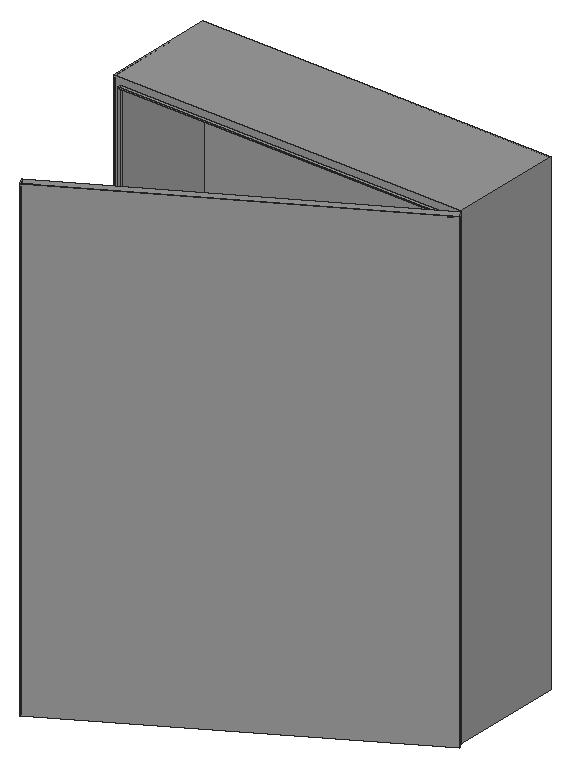
Revit family "Hager-Univers-IP55-D275-H1100-Cl.I-Steel_encl-NoHosted-CH-it", category Electrical Equipment, Revit 2020
Family settings
  Panel Configuration = Two Columns, Circuits Across
  Round Connector Dimension = Use Diameter
  Part Type = Panelboard
  Work Plane-Based = Yes
  Always vertical = Yes
  Cut with Voids When Loaded = No
  Shared = No
  Room Calculation Point = No
Parameters (values of type "A parete IP55 L800 A1100 P275  - FR73E")
  Width Control [instance] = if([EF000008 - Larghezza] > Min Width, [EF000008 - Larghezza], Min Width)  # 800 mm
  Type Comments = [HG000003 - Gamma]  # "Univers"
  Thickness Door [instance] = if([EF009171 - spessore materiale porta/coperchio] > 3 mm, 3 mm, [EF009171 - spessore materiale porta/coperchio])  # 1.5 mm
  Seal Frame Offset [instance] = 17 mm  # constant formula
  Plinth Visibility [instance] = [HG000027 - Altezza dello zoccolo] > 0 mm  # no
  Min Width [instance] = 100 mm  # constant formula
  Min Depth [instance] = (2 * [EF009170 - spessore materiale scatola]) + 1 mm  # 4 mm
  Min Height [instance] = 100 mm  # constant formula
  Internal Frame Depth [instance] = (Door System Depth * 0.5)  # 9 mm
  Panel Name [instance] = ""  # (empty or 0)
  Model = ""
  HG000027 - Altezza dello zoccolo = 0 mm
  HG000026 - A pavimento = no
  HG000024 - Altezza della sezione inferiore = 600 mm
  HG000023 - Custodia a doppia sezione = no
  HG000016 - Visibilità delle porte nella vista 3D [instance] = yes
  HG000015 - Visibilità attraverso la porta [instance] = no
  HG000014 - Porta destra [instance] = yes
  HG000013 - Porta sinistra [instance] = not([HG000014 - Porta destra])  # no
  HG000012 - Angolo di apertura della porta [instance] = 30.00°
  HG000010 - Porte asimmetriche = no
  HG000009 - Porta doppia a battente = no
  HG000006 - Ad incasso = no
  HG000004 - Codice produttore = "FR73E"
  HG000003 - Gamma = "Univers"
  HG000002 - Con porta = yes
  Frame Offset Bottom [instance] = 10 mm  # constant formula
  Frame Offset [instance] = 15 mm  # constant formula
  EF015940 - Coprire con rilascio di sovrapressione = no
  EF011959 - tipo di protezione (NEMA) = ""
  EF009554 - numero delle aperture per la piastra della flangia = 6
  EF009212 - esecuzione coperchio = "EV000116 - chiuso"
  EF009171 - spessore materiale porta/coperchio = 1.5 mm
  EF009170 - spessore materiale scatola = 1.5 mm
  EF008873 - corrente nominale (In) = 800 A
  EF007800 - adatto per parafulmine = no
  EF006306 - con serratura = no
  EF006244 - coperchio/porta trasparente = no
  EF005474 - grado di protezione (IP) = "EV006420 - IP55"
  EF004464 - tipo di porta = "EV002646 - singolo"
  EF004427 - numero di moduli = 252
  EF004293 - resistenza agli urti = "EV008784 - IK10"
  EF003532 - adatto per uso esterno = no
  EF002950 - Numero moduli DIN = 24
  EF001613 - Integrità del circuito = "EV000494 - senza"
  EF001596 - Attacco Lampada = "EV000179 - acciaio"
  EF001131 - profondità interna = 275 mm
  EF001088 - possibilità di applicazione = yes
  EF000437 - numero di ingressi per conduttori = 6
  EF000339 - tipo di copertura = "EV004216 - porta"
  EF000266 - numero di file = 7
  EF000218 - profondità di incasso = 0 mm
  EF000118 - con piastra di montaggio = no
  EF000116 - numero RAL = "7035"
  EF000049 - profondità = 275 mm
  EF000040 - Altezza = 1100 mm
  EF000008 - Larghezza = 800 mm
  EF000007 - colore = "EV000270 - grigio"
  EF000003 - Tipo di montaggio = "EV000384 - A parete"
  Door System Leaf Tolerance [instance] = 1.5 mm  # constant formula
  Door System Depth [instance] = 18 mm  # constant formula
  Door Height [instance] = Height Control - [HG000027 - Altezza dello zoccolo]  # 1100 mm
  Description = ""
  Default Elevation = 1219.2 mm
  Connector Offset [instance] = Height Control / 2  # 550 mm
  Manufacturer = "Hager"  # constant formula
  Height Control [instance] = if([EF000040 - Altezza] > Min Height, [EF000040 - Altezza], Min Height)  # 1100 mm
  Depth Control [instance] = if([EF000049 - profondità] > Min Depth, [EF000049 - profondità], Min Depth)  # 275 mm
  Bottom Top Plate Trim [instance] = 1.5 mm  # constant formula
  Plinth height Ctrl [instance] = if([HG000027 - Altezza dello zoccolo] > 0 mm, [HG000027 - Altezza dello zoccolo], 12 mm)  # 12 mm
Types (5, lengths in mm): name | Width Control | HG000010 - Porte asimmetriche | HG000009 - Porta doppia a battente | HG000004 - Codice produttore | EF009554 - numero delle aperture per la piastra della flangia | EF004464 - tipo di porta | EF004427 - numero di moduli | EF000437 - numero di ingressi per conduttori | EF000008 - Larghezza
  A parete IP55 L1050 A1100 P275  - FR74E | 1050 | no | yes | "FR74E" | 8 | "EV003602 - doppio" | 336 | 8 | 1050
  A parete IP55 L1300 A1100 P275  - FR75E | 1300 | yes | yes | "FR75E" | 10 | "EV003602 - doppio" | 420 | 10 | 1300
  A parete IP55 L300 A1100 P275  - FR71E | 300 | no | no | "FR71E" | 2 | "EV002646 - singolo" | 84 | 2 | 300
  A parete IP55 L550 A1100 P275  - FR72E | 550 | no | no | "FR72E" | 4 | "EV002646 - singolo" | 168 | 4 | 550
  A parete IP55 L800 A1100 P275  - FR73E | 800 | no | no | "FR73E" | 6 | "EV002646 - singolo" | 252 | 6 | 800
Reference planes
  plane 1 "Center (Front/Back)": y = 0
  plane 2: z = 0
  plane 3 "Center (Left/Right)": x = 0
  plane 4: y = 0
  plane 5: y = 0
  plane 6: z = 0
  plane 7: x = -400
  plane 8: x = 400
  plane 9: x = 398.5
  plane 10: x = -398.5
  plane 11: z = 0
  plane 12: z = 1.5
  plane 13: y = -275
  plane 14: y = -1.5
  plane 15: x = 0
  plane 16: y = -257
  plane 17: y = -273.5
  plane 18: y = -255.5
  plane 19: x = -383.5
  plane 20: x = 383.5
  plane 21: z = 11.5
  plane 22: x = -383
  plane 23: x = 383
  plane 24: z = 0
  plane 25: z = 1100
  plane 26: z = 1100
  plane 27: z = 1083.5
  plane 28: z = 1098.5
Forms (mm)
  Extrusion 1, solid, material "Hager_Steel_RAL7035_Light_Grey", detail levels medium+fine
    sketch origin (-208.679, -4572, 0) x (-1, 0, 0) y (0, -1, 0)
      loop
        line (191.321, -4315) -> (-608.679, -4315) -> (-608.679, -4572) -> (191.321, -4572) -> (191.321, -4315)
    from 0 to 1100
  Extrusion 2, void
    sketch origin (-350.771, -275, 1219.2) x (1, 0, 0) y (0, 0, 1)
      loop
        line (-47.729, -120.7) -> (-47.729, -1217.7) -> (749.271, -1217.7) -> (749.271, -120.7) -> (-47.729, -120.7)
    from -19.5 to -273.5
  Extrusion 3, void
    sketch origin (-290.084, -257, 1219.2) x (1, 0, 0) y (0, 0, 1)
      loop
        line (-93.416, -1207.7) -> (673.584, -1207.7) -> (673.584, -135.7) -> (-93.416, -135.7) -> (-93.416, -1207.7)
    from 0 to -1.5
  Extrusion 4, solid, material "Hager_Steel_RAL7035_Light_Grey", visible <- "Plinth Visibility", detail levels medium+fine
    sketch origin (0, 0, 0) x (1, 0, 0) y (0, 1, 0)
      loop
        line (-400, 0) -> (-400, -257) -> (400, -257) -> (400, 0) -> (-400, 0)
    from 0 to 12 <- "Plinth height Ctrl"
  Extrusion 5, solid, material "Hager_Steel_RAL7035_Light_Grey", detail levels coarse
    sketch origin (0, 0, 0) x (1, 0, 0) y (0, 1, 0)
      loop
        line (-400, 0) -> (-400, -275) -> (400, -275) -> (400, 0) -> (-400, 0)
    from 0 to 1100 <- "Height Control"
  Sweep 6, void
    path in 3D
      loop
        line (-400, -257, 12) -> (400, -257, 12) -> (400, 0, 12) -> (-400, 0, 12) -> (-400, -257, 12)
    profile origin (-400, -128.5, 12) x (1, 0, 0) y (0, 0, 1)
      loop
        line (0, 0) -> (0, -1.5) -> (1.5, -1.5)
        arc (1.5, -1.5) -> (1.061, -0.439) -> (0, 0) r 1.5
  Extrusion 7, solid, material "Hager_Steel_RAL7035_Light_Grey", detail levels fine
    sketch origin (-400, -257, 0) x (1, 0, 0) y (0, 0, 1)
      loop
        line (16.5, 11.5) -> (783.5, 11.5) -> (783.5, 1083.5) -> (16.5, 1083.5) -> (16.5, 11.5)
      loop
        line (15, 10) -> (785, 10) -> (785, 1085) -> (15, 1085) -> (15, 10)
    from 0 to 9 <- "Internal Frame Depth"
Cuts and joins
  Extrusion 2, Extrusion 3 cuts Extrusion 1
  Sweep 6 cuts Extrusion 4
Lines and regions (mm)
  Masking region 1
    outline origin (0, 0, 0) x (1, 0, 0) y (0, 1, 0)
      loop
        line (-400, 0) -> (-400, -275) -> (400, -275) -> (400, 0) -> (-400, 0)
  Masking region 2, detail levels coarse
    outline origin (-290.084, -257, 1219.2) x (-1, 0, 0) y (0, 0, 1)
      loop
        line (-690.084, -1219.2) -> (109.916, -1219.2) -> (109.916, -119.2) -> (-690.084, -119.2) -> (-690.084, -1219.2)
  Masking region 3, detail levels coarse
    outline origin (0, 0, 0) x (0, 1, 0) y (0, 0, 1)
      loop
        line (0, 0) -> (0, 1100) -> (-275, 1100) -> (-275, 0) -> (0, 0)
  Masking region 4, visible <- "Plinth Visibility", detail levels medium+fine
    outline origin (0, 0, 0) x (0, 1, 0) y (0, 0, 1)
      loop
        line (-1.5, 12) -> (-255.5, 12)
        arc (-255.5, 12) -> (-255.939, 10.939) -> (-257, 10.5) r 1.5
        line (-257, 10.5) -> (-257, 0) -> (0, 0) -> (0, 10.5)
        arc (0, 10.5) -> (-1.061, 10.939) -> (-1.5, 12) r 1.5
  Masking region 5, detail levels medium+fine
    outline origin (0, 0, 594.038) x (0, 1, 0) y (0, 0, 1)
      loop
        line (0, -594.038) -> (0, 505.962) -> (-257, 505.962) -> (-257, -594.038) -> (0, -594.038)
  Masking region 6, detail levels medium+fine
    outline origin (-359.7, -257, 1211.883) x (-1, 0, 0) y (0, 0, 1)
      loop
        line (-759.7, -1211.883) -> (40.3, -1211.883) -> (40.3, -111.883) -> (-759.7, -111.883) -> (-759.7, -1211.883)
  Masking region 7, visible <- "Plinth Visibility", detail levels medium+fine
    outline origin (-320.334, -257, 1041.368) x (-1, 0, 0) y (0, 0, 1)
      loop
        line (-720.334, -1041.368) -> (79.666, -1041.368) -> (79.666, -1030.868)
        arc (79.666, -1030.868) -> (78.606, -1030.429) -> (78.166, -1029.368) r 1.5
        line (78.166, -1029.368) -> (-718.834, -1029.368)
        arc (-718.834, -1029.368) -> (-719.273, -1030.429) -> (-720.334, -1030.868) r 1.5
        line (-720.334, -1030.868) -> (-720.334, -1041.368)
  sketch lines
    curve 1: line (-400, 0, 12) -> (-400, -257, 12)
    curve 2: line (-400, -257, 12) -> (400, -257, 12)
    curve 3: line (400, 0, 12) -> (-400, 0, 12)
    curve 4: line (400, -257, 12) -> (400, 0, 12)
Dimensions and locks
  locked: plane 1 "Center (Front/Back)" to plane 5
  "EF009170 - spessore materiale scatola": plane 7 to plane 10
  "EF009170 - spessore materiale scatola": plane 8 to plane 9
  equal spacing: plane 7, plane 3 "Center (Left/Right)", plane 8
  "Width Control": plane 7 to plane 8
  "Depth Control": plane 4 to plane 13
  "EF009170 - spessore materiale scatola": plane 4 to plane 14
  "Height Control": plane 25 to level
  "HG000027 - Altezza dello zoccolo": plane 11 to level
  "EF009170 - spessore materiale scatola": plane 12 to plane 11
  "EF009170 - spessore materiale scatola": plane 17 to plane 13
  "EF009170 - spessore materiale scatola": plane 18 to plane 16
  "Frame Offset Bottom": plane 21 to plane 12
  "Frame Offset": plane 10 to plane 19
  "Frame Offset": plane 9 to plane 20
  "Door System Depth": plane 16 to plane 13
  "Seal Frame Offset": plane 7 to plane 22
  "Seal Frame Offset": plane 8 to plane 23
  "EF009170 - spessore materiale scatola": plane 26 to plane 28
  "Frame Offset": plane 28 to plane 27
  "Connector Offset": plane 2 to connector elem
  "Bottom Top Plate Trim": profile plane to Sweep 6 sketch curve
  "Bottom Top Plate Trim": Sweep 6 sketch curve to Sweep 6 sketch curve
  "Plinth height Ctrl": Masking region 4 sketch curve to level
  "Plinth height Ctrl": Masking region 7 sketch curve to level
  "Thickness Door": Extrusion 7 sketch curve to Extrusion 7 sketch curve  (x4)
  "Bottom Top Plate Trim": radius of Sweep 6 sketch curve
  "Bottom Top Plate Trim": radius of Masking region 4 sketch curve  (x2)
  "Bottom Top Plate Trim": radius of Masking region 7 sketch curve  (x2)
  aligned and locked: Extrusion 2 sketch curve to plane 12
  aligned and locked: Extrusion 2 sketch curve to plane 9
  aligned and locked: Extrusion 2 sketch curve to plane 10
  aligned and locked: Extrusion 2 to plane 14
  aligned and locked: Extrusion 1 sketch curve to plane 4
  aligned and locked: plane 8 to Extrusion 1 sketch curve
  aligned and locked: plane 7 to Extrusion 1 sketch curve
  aligned and locked: Extrusion 2 to plane 18
  aligned and locked: Extrusion 3 sketch curve to plane 19
  aligned and locked: plane 20 to Extrusion 3 sketch curve
  aligned and locked: Extrusion 3 to Extrusion 2
  aligned and locked: Extrusion 3 sketch curve to plane 21
  aligned and locked: plane 3 "Center (Left/Right)" to nested 1
  aligned and locked: Extrusion 1 sketch curve to plane 16
  aligned and locked: Extrusion 4 sketch curve to cut or joined group of Extrusion 1, Extrusion 2, Extrusion 3
  aligned and locked: Masking region 1 sketch curve to plane 7
  aligned and locked: Masking region 1 sketch curve to plane 5
  aligned and locked: Masking region 1 sketch curve to plane 8
  aligned and locked: Masking region 2 sketch curve to level
  aligned and locked: level to Masking region 3 sketch curve
  aligned and locked: plane 1 "Center (Front/Back)" to Masking region 3 sketch curve
  aligned and locked: plane 13 to Masking region 3 sketch curve
  aligned and locked: plane 5 to Masking region 4 sketch curve
  aligned and locked: Masking region 2 sketch curve to plane 8
  aligned and locked: Masking region 2 sketch curve to plane 7
  aligned and locked: plane 7 to nested 2
  aligned and locked: nested 2 to plane 5
  aligned and locked: plane 5 to Masking region 5 sketch curve
  aligned and locked: plane 26 to Masking region 5 sketch curve
  aligned and locked: Extrusion 5 sketch curve to plane 8
  aligned and locked: Extrusion 5 sketch curve to plane 7
  aligned and locked: Extrusion 5 sketch curve to plane 5
  aligned and locked: Extrusion 3 sketch curve to plane 27
  aligned and locked: Extrusion 2 sketch curve to plane 28
  aligned and locked: Masking region 2 to plane 25
  aligned and locked: Extrusion 4 to plane 16
  aligned and locked: profile plane to Sweep 6 sketch curve
  aligned and locked: Masking region 5 sketch curve to plane 24
  aligned and locked: level to Masking region 4 sketch curve
  aligned and locked: Masking region 1 to plane 13
  aligned and locked: nested 1 to plane 16
  aligned and locked: Masking region 3 to plane 25
  aligned and locked: plane 16 to Masking region 4 sketch curve
  aligned and locked: Masking region 5 sketch curve to plane 16
  aligned and locked: plane 24 to plane 11
  aligned and locked: plane 26 to plane 25
  aligned and locked: plane 26 to cut or joined group of Extrusion 1, Extrusion 2, Extrusion 3
  aligned and locked: nested 1 to plane 24
  aligned and locked: Extrusion 1 to Extrusion 3
  aligned and locked: Masking region 6 sketch curve to plane 8
  aligned and locked: Masking region 6 sketch curve to plane 24
  aligned and locked: Masking region 6 sketch curve to plane 7
  aligned and locked: Masking region 6 sketch curve to plane 26
  aligned and locked: Masking region 7 sketch curve to plane 7
  aligned and locked: level to Masking region 7 sketch curve
  aligned and locked: Masking region 7 sketch curve to plane 8
  aligned and locked: Extrusion 7 sketch curve to cut or joined group of Extrusion 1, Extrusion 2, Extrusion 3  (x4)
Automatic sketch dimensions
  plane 19 to Extrusion 3 sketch curve = 0 mm
  Extrusion 3 sketch curve to plane 20 = 0 mm
  Extrusion 3 sketch curve to plane 21 = 0 mm
  Extrusion 4 sketch curve to plane 7 = 0 mm
  Extrusion 4 sketch curve to plane 8 = 0 mm
  Extrusion 4 sketch curve to plane 16 = 0 mm
  Masking region 1 sketch curve to plane 13 = 0 mm
  Masking region 2 sketch curve to plane 25 = 0 mm
  Masking region 3 sketch curve to plane 25 = 0 mm
  Extrusion 5 sketch curve to plane 13 = 0 mm
  profile plane to Sweep 6 sketch curve = 0 mm
Nested families
  nested 1: "EC000058_Univers_Door" at (0, -257, 0), Double <- "HG000009 - Porta doppia a battente", Transparent <- "EF006244 - coperchio/porta trasparente", Angle <- "HG000012 - Angolo di apertura della porta", Door_Right <- "HG000014 - Porta destra", Assymetrical <- "HG000010 - Porte asimmetriche", Door <- "HG000002 - Con porta", Width_Ctrl <- "Width Control", 3d_Door <- "HG000016 - Visibilità delle porte nella vista 3D", Clearance <- "HG000015 - Visibilità attraverso la porta", Door_Left <- "HG000013 - Porta sinistra", Width <- "Width Control", Door_Depth <- "Door System Depth", Leaf_Tolerance <- "Door System Leaf Tolerance", Height <- "Door Height", Lock_Visibility <- "EF006306 - con serratura", Thickness <- "Thickness Door", type "EC000058_Univers_Door", detail levels medium+fine
    with min_wh 4 mm, Width_Ctrl 800 mm, Width 800 mm, Transparent no, Thickness 1.5 mm, Seal_Material Hager_Rubber, Lock_Visibility no, Lock_Material Hager_Plastic_RAL9005_Jet_Black, Leaf_Width 800 mm, Leaf_Tolerance_External_Sides 0 mm, Leaf_Tolerance 1.5 mm, Leaf_Offset 0 mm, Leaf_Height 1097 mm, Leaf_2_Width 800 mm, Leaf_2_Offset 400 mm, Leaf_1_Width 800 mm, Leaf_1_Offset 400 mm, Height_Ctrl 1100 mm, Height 1100 mm, Glass_Material Hager_Glass, Double_Clearance_Ctrl no, Double no, Door_Right_Ctrl yes, Door_Right yes, Door_Material Hager_Steel_RAL7035_Light_Grey, Door_Left_Ctrl no, Door_Left no, Door_Depth 18 mm, Door yes, Clearance_Material Hager_Clearance, Clearance_Depth 800 mm, Clearance_Ctrl no, Clearance no, Assymetrical no, Angle 30.00°, 3d_Door yes
  nested 2: "Hager_Enclosure_Symbol" at (-400, 0, 0), Height <- "Depth Control", Width <- "Width Control", type "Hager_Enclosure_Symbol"
    with Width_Ctrl 800 mm, Width 800 mm, Height_Ctrl 275 mm, Height 275 mm, A_Width_Int 18.047 mm, A_Width 216.562 mm, A_Height_Ctrl 240.625 mm, A_Height 240.625 mm
Connectors
  electrical at (0, 0, 550)
    settings: on plane 1 "Center (Front/Back)", index 1, voltage 0 V, apparent load 0 VA, apparent load phase1 0 VA, apparent load phase2 0 VA, apparent load phase3 0 VA, power factor 1, load classification "Other", number of poles 1, system type 30, power factor state 1, is connector primary yes, connector utility no, sub classification motor no, connector description ""
Definition of nested family "EC000058_Univers_Door"
  Parameters (values of type "EC000058_Univers_Door")
    min_wh [instance] = (2 * Thickness) + 1 mm  # 11 mm
    Width_Ctrl [instance] = 400 mm
    Width [instance] = 500 mm
    Transparent [instance] = yes
    Thickness [instance] = 5 mm
    Seal_Material [instance] = none
    Lock_Visibility [instance] = yes
    Lock_Material [instance] = none
    Leaf_Width [instance] = if((Width_Ctrl - 2 * Leaf_Tolerance_External_Sides) > 0 mm, (Width_Ctrl - 2 * Leaf_Tolerance_External_Sides), min_wh)  # 400 mm
    Leaf_Tolerance_External_Sides [instance] = 0 mm  # constant formula
    Leaf_Tolerance [instance] = 1.5 mm
    Leaf_Offset [instance] = 0 mm  # constant formula
    Leaf_Height [instance] = if((Height_Ctrl - 2 * Leaf_Tolerance) > 0 mm, (Height_Ctrl - 2 * Leaf_Tolerance), min_wh)  # 497 mm
    Leaf_2_Width [instance] = if(and(and(Double, Assymetrical), Door_Left), (Leaf_Width / 3) - (Leaf_Tolerance / 2), if(and(and(Double, Assymetrical), Door_Right), (Leaf_Width / 3) * 2 - (Leaf_Tolerance / 2), if(and(Double, not(Assymetrical)), (Leaf_Width / 2) - Leaf_Tolerance, Leaf_Width)))  # 400 mm
    Leaf_2_Offset [instance] = if(and(Double, Assymetrical), Leaf_2_Width / 2, if(and(Double, not(Assymetrical)), Leaf_Width / 4, Leaf_Width / 2))  # 200 mm
    Leaf_1_Width [instance] = if(and(and(Double, Assymetrical), Door_Right), (Leaf_Width / 3) - (Leaf_Tolerance / 2), if(and(and(Double, Assymetrical), Door_Left), (Width / 3) * 2 - (Leaf_Tolerance / 2), if(and(Double, not(Assymetrical)), (Leaf_Width / 2) - Leaf_Tolerance, Leaf_Width)))  # 400 mm
    Leaf_1_Offset [instance] = if(and(Double, Assymetrical), Leaf_1_Width / 2, if(and(Double, not(Assymetrical)), Leaf_Width / 4, Leaf_Width / 2))  # 200 mm
    Height_Ctrl [instance] = if(Height > min_wh, Height, min_wh)  # 500 mm
    Height [instance] = 500 mm
    Glass_Material [instance] = none
    Double_Clearance_Ctrl [instance] = and(Double, Clearance)  # no
    Double [instance] = no
    Door_Right_Ctrl [instance] = and(or(Door_Right, Double), Door)  # yes
    Door_Right [instance] = yes
    Door_Material [instance] = none
    Door_Left_Ctrl [instance] = and(or(Door_Left, Double), Door)  # no
    Door_Left [instance] = no
    Door_Depth [instance] = 30 mm
    Door [instance] = yes
    Default Elevation = 1219.2 mm
    Clearance_Material [instance] = none
    Clearance_Depth [instance] = if(Leaf_1_Width > Leaf_2_Width, Leaf_1_Width, Leaf_2_Width)  # 400 mm
    Clearance_Ctrl [instance] = and(not(Double), Clearance)  # yes
    Clearance [instance] = yes
    Assymetrical [instance] = yes
    Angle [instance] = 30.00°
    3d_Door [instance] = yes
  Reference planes
    plane 1 "Center (Front/Back)": y = 0
    plane 2 "Bottom": z = 0
    plane 3 "Center (Left/Right)": x = 0
    plane 4: z = 500
    plane 5: x = -200
    plane 6: x = 200
    plane 7: z = 500
    plane 8: x = -200
    plane 9: z = 0
    plane 10: x = 200
    plane 11: y = 0
    plane 12: z = 1.5
    plane 13: x = -600
    plane 14: y = -400
    plane 15: x = 600
    plane 16: x = 0
    plane 17: x = 0
    plane 18: x = -200
    plane 19: x = 200
    plane 20: z = 498.5
  Forms (mm)
    Extrusion 1, solid, material <- "Clearance_Material", visible <- "Double_Clearance_Ctrl"
      sketch origin (1200, 0, 0) x (1, 0, 0) y (0, 0, -1)
        loop
          line (-1800, -498.5) -> (-600, -498.5) -> (-600, 0) -> (-1800, 0) -> (-1800, -498.5)
      from 0 to -400
  Dimensions and locks
    equal spacing: plane 5, plane 3 "Center (Left/Right)", plane 6
    "Width_Ctrl": plane 5 to plane 6
    "Leaf_Offset": plane 5 to plane 8
    "Leaf_Offset": plane 6 to plane 10
    "Leaf_Offset": plane 9 to level
    "Leaf_Offset": plane 4 to plane 7
    "Height_Ctrl": plane 4 to level
    "Leaf_Tolerance": plane 12 to plane 9
    locked: plane 11 to plane 1 "Center (Front/Back)"
    "Leaf_1_Offset": plane 18 to plane 16
    "Leaf_2_Offset": plane 17 to plane 19
    "Leaf_1_Width": plane 13 to plane 8
    "Leaf_2_Width": plane 10 to plane 15
    "Clearance_Depth": plane 14 to plane 1 "Center (Front/Back)"
    "Leaf_Tolerance_External_Sides": plane 8 to plane 18
    "Leaf_Tolerance_External_Sides": plane 19 to plane 10
    "Leaf_Tolerance": plane 7 to plane 20
    aligned and locked: level to plane 2 "Bottom"
    aligned and locked: nested 1 to plane 16
    aligned and locked: nested 2 to plane 17
    aligned and locked: Extrusion 1 to plane 13
    aligned and locked: plane 15 to Extrusion 1
    aligned and locked: Extrusion 1 to plane 14
    aligned and locked: plane 12 to nested 1
    aligned and locked: nested 2 to plane 12
    aligned and locked: Extrusion 1 to plane 11
    aligned and locked: plane 20 to Extrusion 1
    aligned and locked: nested 2 to plane 11
    aligned and locked: nested 1 to plane 11
  Automatic sketch dimensions
    Extrusion 1 sketch curve to level = 0 mm
    plane 5 to Extrusion 1 sketch curve = 400 mm
    plane 6 to Extrusion 1 sketch curve = 400 mm
    Extrusion 1 sketch curve to plane 4 = 1.5 mm
  Nested families
    nested 1: "EC000058_Univers_Door_Leaf" at (0, 0, 1.5), Width <- "Leaf_1_Width", visible <- "Door_Left_Ctrl", Leaf_Height <- "Leaf_Height", Angle <- "Angle", 3d_Door <- "3d_Door", Transparent <- "Transparent", Clearance Material <- "Clearance_Material", Clearance <- "Clearance_Ctrl", Door_Material <- "Door_Material", Glass_Material <- "Glass_Material", Door_Depth <- "Door_Depth", Lock_Material <- "Lock_Material", Seal_Material <- "Seal_Material", Lock_Visibility <- "Lock_Visibility", Thickness <- "Thickness", type "EC000058_Univers_Door_Leaf"
      with Width 400 mm, Transparent_Glass_Offset 30 mm, Transparent_Ctrl yes, Transparent yes, Thickness 5 mm, Standard no, Seal_Material none, Seal_D2 8 mm, Seal_D1 1 mm, Offset_Internal_Frame 10 mm, Lock_Width 20 mm, Lock_Visibility_3d yes, Lock_Visibility yes, Lock_Thickness_3 3 mm, Lock_Thickness_2 1 mm, Lock_Thickness_1 3 mm, Lock_Radius_Offset_2 16 mm, Lock_Radius_Offset_1 15 mm, Lock_Radius_2 5 mm, Lock_Radius 6 mm, Lock_Offset 5 mm, Lock_Material none, Lock_Height 80 mm, Lock_Cover_Top_Offset_2d 17 mm, Lock_Cover_Height -65 mm, Leaf_Height 497 mm, Internal_Seal_Thickness 8 mm, Internal_Seal_Depth_2 4.5 mm, Internal_Frame_Depth 25 mm, Glass_Thickness -1 mm, Glass_Offset -2 mm, Glass_Material none, Door_Material none, Door_Depth 30 mm, Clearance Material none, Clearance yes, Angle_Ctrl 30.00°, Angle 30.00°, 3d_Door yes
    nested 2: "EC000058_Univers_Door_Leaf" at (0, 0, 1.5) x (-1, 0, 0) z (0, 0, 1), Width <- "Leaf_2_Width", visible <- "Door_Right_Ctrl", Leaf_Height <- "Leaf_Height", Angle <- "Angle", 3d_Door <- "3d_Door", Transparent <- "Transparent", Clearance Material <- "Clearance_Material", Clearance <- "Clearance_Ctrl", Door_Material <- "Door_Material", Glass_Material <- "Glass_Material", Door_Depth <- "Door_Depth", Lock_Material <- "Lock_Material", Seal_Material <- "Seal_Material", Lock_Visibility <- "Lock_Visibility", Thickness <- "Thickness", type "EC000058_Univers_Door_Leaf"
      with Width 400 mm, Transparent_Glass_Offset 30 mm, Transparent_Ctrl yes, Transparent yes, Thickness 5 mm, Standard no, Seal_Material none, Seal_D2 8 mm, Seal_D1 1 mm, Offset_Internal_Frame 10 mm, Lock_Width 20 mm, Lock_Visibility_3d yes, Lock_Visibility yes, Lock_Thickness_3 3 mm, Lock_Thickness_2 1 mm, Lock_Thickness_1 3 mm, Lock_Radius_Offset_2 16 mm, Lock_Radius_Offset_1 15 mm, Lock_Radius_2 5 mm, Lock_Radius 6 mm, Lock_Offset 5 mm, Lock_Material none, Lock_Height 80 mm, Lock_Cover_Top_Offset_2d 17 mm, Lock_Cover_Height -65 mm, Leaf_Height 497 mm, Internal_Seal_Thickness 8 mm, Internal_Seal_Depth_2 4.5 mm, Internal_Frame_Depth 25 mm, Glass_Thickness -1 mm, Glass_Offset -2 mm, Glass_Material none, Door_Material none, Door_Depth 30 mm, Clearance Material none, Clearance yes, Angle_Ctrl 30.00°, Angle 30.00°, 3d_Door yes
  Definition of nested family "EC000058_Univers_Door_Leaf"
    Parameters (values of type "EC000058_Univers_Door_Leaf")
      Width [instance] = 2000 mm
      Transparent_Glass_Offset [instance] = 30 mm
      Transparent_Ctrl [instance] = and(Transparent, [3d_Door])  # yes
      Transparent [instance] = yes
      Thickness [instance] = 5 mm
      Standard [instance] = and(not(Transparent), [3d_Door])  # no
      Seal_Material [instance] = none
      Seal_D2 [instance] = 8 mm  # constant formula
      Seal_D1 [instance] = 1 mm  # constant formula
      Offset_Internal_Frame [instance] = 10 mm  # constant formula
      Lock_Width [instance] = 20 mm  # constant formula
      Lock_Visibility_3d [instance] = and(Lock_Visibility, [3d_Door])  # yes
      Lock_Visibility [instance] = yes
      Lock_Thickness_3 [instance] = 3 mm  # constant formula
      Lock_Thickness_2 [instance] = 1 mm  # constant formula
      Lock_Thickness_1 [instance] = 3 mm  # constant formula
      Lock_Radius_Offset_2 [instance] = Lock_Radius_Offset_1 + 1 mm  # 16 mm
      Lock_Radius_Offset_1 [instance] = 15 mm  # constant formula
      Lock_Radius_2 [instance] = Lock_Radius - 1 mm  # 5 mm
      Lock_Radius [instance] = 6 mm  # constant formula
      Lock_Offset [instance] = 5 mm  # constant formula
      Lock_Material [instance] = none
      Lock_Height [instance] = 80 mm  # constant formula
      Lock_Cover_Top_Offset_2d [instance] = Lock_Radius_Offset_2 + 1 mm  # 17 mm
      Lock_Cover_Height [instance] = -(Lock_Height - Lock_Radius_Offset_1)  # -65 mm
      Leaf_Height [instance] = 2720.336 mm
      Internal_Seal_Thickness [instance] = 8 mm  # constant formula
      Internal_Seal_Depth_2 [instance] = 4.5 mm  # constant formula
      Internal_Frame_Depth [instance] = if(Door_Depth - Thickness > 5 mm, Door_Depth - Thickness, 5 mm)  # 25 mm
      Glass_Thickness [instance] = if(Thickness > 15 mm, Glass_Offset + 10 mm, -1 mm)  # -1 mm
      Glass_Offset [instance] = if(Thickness > 15 mm, -(Thickness + 10 mm) / 2, -2 mm)  # -2 mm
      Glass_Material [instance] = none
      Door_Material [instance] = none
      Door_Depth [instance] = 30 mm
      Default Elevation = 0 mm
      Clearance Material [instance] = none
      Clearance [instance] = yes
      Angle_Ctrl [instance] = if(Angle > 180.00°, 180.00°, Angle)  # 90.00°
      Angle [instance] = 90.00°
      3d_Door [instance] = yes
    Reference planes
      plane 1 "Center (Front/Back)": y = 0
      plane 2: z = 0
      plane 3 "Center (Left/Right)": x = 0
      plane 4: y = 2000
      plane 5: x = -1000
      plane 6: x = 1000
      plane 7: x = -3000
      plane 8: z = 2720.336
      plane 9: z = 30
      plane 10: z = 2690.336
      plane 11: x = 970
      plane 12: x = -970
      plane 13: y = -3
      plane 14: z = 107.833
      plane 15: y = -5
      plane 16: y = -223.314
      plane 17: x = -1000
      plane 18: z = 1360.168
      plane 19: y = 30
    Forms (mm)
      Extrusion 1, solid, material <- "Clearance Material", visible <- "Clearance"
        sketch origin (0, 0, 0) x (1, 0, 0) y (0, 0, 1)
          loop
            line (-3000, 2720.336) -> (-3000, 0) -> (1000, 0) -> (1000, 2720.336) -> (-3000, 2720.336)
        from 0 to -2000
      Extrusion 2, solid, material <- "Door_Material", visible <- "Standard", detail levels medium+fine
        sketch origin (-1000, 0, 0) x (0, 1, 0) y (-1, 0, 0)
          loop
            line (0, 30) -> (0, 25) -> (2000, 25) -> (2000, 30) -> (0, 30)
        from 0 to 2720.336 <- "Leaf_Height"
      Extrusion 3, solid, material <- "Door_Material", visible <- "Transparent_Ctrl", detail levels medium+fine
        sketch origin (-1000, 0, 0) x (0, 1, 0) y (-1, 0, 0)
          loop
            line (0, 25) -> (2000, 25) -> (2000, 30) -> (0, 30) -> (0, 25)
        from 0 to 2720.336 <- "Leaf_Height"
      Extrusion 4, void
        sketch origin (-1025, 2000, 0) x (0, 1, 0) y (0, 0, -1)
          loop
            line (-30, -2690.336) -> (-30, -30) -> (-1970, -30) -> (-1970, -2690.336) -> (-30, -2690.336)
        from 0 to 5 <- "Thickness"
      Sweep 5, solid, material <- "Seal_Material", visible <- "Transparent_Ctrl", detail levels fine
        path in 3D
          loop
            line (-1025, 30, 30) -> (-1025, 30, 2690.336) -> (-1025, 1970, 2690.336) -> (-1025, 1970, 30) -> (-1025, 30, 30)
        profile origin (-1025, 1000, 30) x (1, 0, 0) y (0, 0, 1)
          loop
            line (0, 0) -> (0, -8) -> (1, -8) -> (1, 0) -> (0, 0)
      Extrusion 6, solid, material <- "Glass_Material", visible <- "Transparent_Ctrl", detail levels medium+fine
        sketch origin (-1030, 0, 0) x (0, 1, 0) y (0, 0, -1)
          loop
            line (1970, -2690.336) -> (1970, -30) -> (30, -30) -> (30, -2690.336) -> (1970, -2690.336)
        from -2 <- "Glass_Offset" to -1 <- "Glass_Thickness"
      Extrusion 7, solid, material <- "Door_Material", visible <- "3d_Door", detail levels medium+fine
        sketch origin (-1025, 2000, 0) x (0, -1, 0) y (0, 0, -1)
          loop
            line (0, -2720.336) -> (2000, -2720.336) -> (2000, 0) -> (0, 0) -> (0, -2720.336)
          loop
            line (1995, -5) -> (5, -5) -> (5, -2715.336) -> (1995, -2715.336) -> (1995, -5)
        from 0 to 25 <- "Internal_Frame_Depth"
      Sweep 8, solid, material <- "Seal_Material", visible <- "Transparent_Ctrl", detail levels fine
        path in 3D
          loop
            line (-1025, 0, 0) -> (-1025, 2000, 0) -> (-1025, 2000, 2720.336) -> (-1025, 0, 2720.336) -> (-1025, 0, 0)
        profile origin (-1025, 0, 1360.168) x (1, 0, 0) y (0, 1, 0)
          loop
            line (0, 10) -> (2.975, 10)
            arc (2.975, 10) -> (4.053, 10.447) -> (4.5, 11.525) r 1.525
            line (4.5, 11.525) -> (4.5, 16.527)
            arc (4.5, 16.527) -> (4.069, 17.569) -> (3.027, 18) r 1.473
            line (3.027, 18) -> (0, 18) -> (0, 10)
      Extrusion 9, solid, material <- "Lock_Material", visible <- "Lock_Visibility_3d", detail levels fine
        sketch origin (-1030, 0, 0) x (0, 1, 0) y (0, 0, -1)
          loop
            arc (1993.5, -1400.168) -> (1994.561, -1399.729) -> (1995, -1398.668) r 1.5
            line (1995, -1398.668) -> (1995, -1320.168) -> (1975, -1320.168) -> (1975, -1398.668)
            arc (1975, -1398.668) -> (1975.439, -1399.729) -> (1976.5, -1400.168) r 1.5
            line (1976.5, -1400.168) -> (1993.5, -1400.168)
        from 3 <- "Lock_Thickness_1" to 0
      Blend 10, solid, material <- "Lock_Material", visible <- "Lock_Visibility_3d", detail levels fine
        base sketch origin (-1033, 0, 0) x (0, 1, 0) y (0, 0, -1)
          loop
            line (1975, -1320.168) -> (1975, -1398.668)
            arc (1975, -1398.668) -> (1975.439, -1399.729) -> (1976.5, -1400.168) r 1.5
            line (1976.5, -1400.168) -> (1993.5, -1400.168)
            arc (1993.5, -1400.168) -> (1994.561, -1399.729) -> (1995, -1398.668) r 1.5
            line (1995, -1398.668) -> (1995, -1320.168) -> (1975, -1320.168)
        top sketch origin (-1033, 0, 0) x (0, 1, 0) y (0, 0, -1)
          loop
            line (1976, -1320.168) -> (1976, -1398.668)
            arc (1976, -1398.668) -> (1976.146, -1399.022) -> (1976.5, -1399.168) r 0.5
            line (1976.5, -1399.168) -> (1993.5, -1399.168)
            arc (1993.5, -1399.168) -> (1993.854, -1399.022) -> (1994, -1398.668) r 0.5
            line (1994, -1398.668) -> (1994, -1320.168) -> (1976, -1320.168)
        from 0 to 1 <- "Lock_Thickness_2"
      Blend 11, solid, material <- "Lock_Material", visible <- "Lock_Visibility_3d", detail levels fine
        base sketch origin (-1034, 0, 0) x (0, 1, 0) y (0, 0, -1)
          loop
            line (1978, -1320.168) -> (1978, -1384.168)
            arc (1978, -1384.168) -> (1985, -1391.168) -> (1992, -1384.168) r 7
            line (1992, -1384.168) -> (1992, -1320.168) -> (1978, -1320.168)
        top sketch origin (-1034, 0, 0) x (0, 1, 0) y (0, 0, -1)
          loop
            line (1991, -1320.168) -> (1979, -1320.168) -> (1979, -1383.168)
            arc (1979, -1383.168) -> (1985, -1389.168) -> (1991, -1383.168) r 6
            line (1991, -1383.168) -> (1991, -1320.168)
        from 0 to 3 <- "Lock_Thickness_3"
      Extrusion 12, solid, material <- "Lock_Material", visible <- "Lock_Visibility_3d", detail levels fine
        sketch origin (-1030, 1975, 1320.168) x (1, 0, 0) y (0, -1, 0)
          loop
            line (-7, -19) -> (-7, -1) -> (0, -1) -> (0, 0) -> (-8, 0) -> (-8, -20) -> (0, -20) -> (0, -19) -> (-7, -19)
        from 0 to -65 <- "Lock_Cover_Height"
      Extrusion 13, void
        sketch origin (-1038, 1995, 1320.168) x (-1, 0, 0) y (0, 0, -1)
          loop
            line (-5, -65) -> (0, -65) -> (-5, -60) -> (-5, -65)
        from 0 to 20 <- "Lock_Width"
      Extrusion 14, void
        sketch origin (-1038, 1975, 1320.168) x (0, -1, 0) y (0, 0, -1)
          loop
            circle (-10, -15.995) r 6
          loop
            circle (-10, -15.995) r 5
        from 0 to 2
      Extrusion 15, solid, material <- "Lock_Material", visible <- "Lock_Visibility_3d", detail levels medium
        sketch origin (-1030, 0, 0) x (0, 1, 0) y (0, 0, -1)
          loop
            arc (1993.5, -1400.168) -> (1994.561, -1399.729) -> (1995, -1398.668) r 1.5
            line (1995, -1398.668) -> (1995, -1320.168) -> (1975, -1320.168) -> (1975, -1398.668)
            arc (1975, -1398.668) -> (1975.439, -1399.729) -> (1976.5, -1400.168) r 1.5
            line (1976.5, -1400.168) -> (1993.5, -1400.168)
        from 8 to 0
    Cuts and joins
      Extrusion 4 cuts Extrusion 3
      Extrusion 13, Extrusion 14 cuts Extrusion 9
      Extrusion 14 cuts Blend 11
      Extrusion 13, Extrusion 14 cuts Extrusion 12
      joined: Extrusion 9, Blend 10, Blend 11, Extrusion 12
      Extrusion 14 cuts Extrusion 15
    Lines and regions (mm)
      Masking region 1, visible <- "Lock_Visibility", detail levels fine
        outline origin (0, 0, 0) x (0, 1, 0) y (0, 0, 1)
          loop
            line (30, 1320.168) -> (33, 1320.168) -> (33, 1400.168) -> (30, 1400.168) -> (30, 1320.168)
      Masking region 2, visible <- "Lock_Visibility", detail levels fine
        outline origin (0, 3.143, 0) x (0, 1, 0) y (0, 0, 1)
          loop
            line (29.857, 1354.168) -> (30.857, 1354.168) -> (30.857, 1366.168) -> (29.857, 1366.168) -> (29.857, 1354.168)
      Masking region 3, detail levels medium+fine
        outline origin (0, 0, 0) x (0, 1, 0) y (0, 0, 1)
          loop
            line (0, 0) -> (30, 0) -> (30, 2720.336) -> (0, 2720.336) -> (0, 0)
      Masking region 4, detail levels medium+fine
        outline origin (0, 0, 0) x (1, 0, 0) y (0, 0, 1)
          loop
            line (-1000, 2720.336) -> (-1000, 0) -> (1000, 0) -> (1000, 2720.336) -> (-1000, 2720.336)
      Masking region 5, visible <- "Lock_Visibility", detail levels fine
        outline origin (-47.116, 0, 0) x (1, 0, 0) y (0, 0, 1)
          loop
            arc (1024.616, 1399.168) -> (1023.556, 1398.729) -> (1023.116, 1397.668) r 1.5
            line (1023.116, 1397.668) -> (1023.116, 1320.168) -> (1041.116, 1320.168) -> (1041.116, 1397.668)
            arc (1041.116, 1397.668) -> (1040.677, 1398.729) -> (1039.616, 1399.168) r 1.5
            line (1039.616, 1399.168) -> (1024.616, 1399.168)
      Masking region 6, visible <- "Lock_Visibility", detail levels medium+fine
        outline origin (-25, 0, 0) x (1, 0, 0) y (0, 0, 1)
          loop
            arc (1001.5, 1400.168) -> (1000.439, 1399.729) -> (1000, 1398.668) r 1.5
            line (1000, 1398.668) -> (1000, 1320.168) -> (1020, 1320.168) -> (1020, 1398.668)
            arc (1020, 1398.668) -> (1019.561, 1399.729) -> (1018.5, 1400.168) r 1.5
            line (1018.5, 1400.168) -> (1001.5, 1400.168)
      Masking region 7, visible <- "Lock_Visibility", detail levels fine
        outline origin (-73.735, 0, 0) x (1, 0, 0) y (0, 0, 1)
          loop
            line (1051.735, 1382.168) -> (1065.735, 1382.168) -> (1065.735, 1384.168)
            arc (1065.735, 1384.168) -> (1058.735, 1391.168) -> (1051.735, 1384.168) r 7
            line (1051.735, 1384.168) -> (1051.735, 1382.168)
      Masking region 8, visible <- "Lock_Visibility", detail levels fine
        outline origin (-73.735, 0, 0) x (1, 0, 0) y (0, 0, 1)
          loop
            line (1052.735, 1382.168) -> (1064.735, 1382.168) -> (1064.735, 1383.168)
            arc (1064.735, 1383.168) -> (1058.735, 1389.168) -> (1052.735, 1383.168) r 6
            line (1052.735, 1383.168) -> (1052.735, 1382.168)
      Masking region 9, visible <- "Lock_Visibility", detail levels fine
        outline origin (-25, 0, 0) x (1, 0, 0) y (0, 0, 1)
          loop
            line (1020, 1320.168) -> (1020, 1382.168) -> (1000, 1382.168) -> (1000, 1320.168) -> (1020, 1320.168)
      Masking region 10, detail levels medium+fine
        outline origin (0, 0, 0) x (1, 0, 0) y (0, 0, 1)
          loop
            circle (985, 1335.144) r 6
      Masking region 11, detail levels fine
        outline origin (0, 0, 0) x (1, 0, 0) y (0, 0, 1)
          loop
            circle (985, 1335.144) r 5
      Masking region 12, visible <- "Lock_Visibility", detail levels fine
        outline origin (0, 12.767, 0) x (0, 1, 0) y (0, 0, 1)
          loop
            line (20.233, 1320.168) -> (21.233, 1320.168) -> (21.233, 1399.168) -> (20.233, 1400.168) -> (20.233, 1320.168)
      Masking region 13, visible <- "Lock_Visibility", detail levels fine
        outline origin (0, 13.767, -10) x (0, 1, 0) y (0, 0, 1)
          loop
            line (20.233, 1330.168) -> (23.233, 1330.168) -> (23.233, 1399.168) -> (20.233, 1402.168) -> (20.233, 1330.168)
      Masking region 14, visible <- "Lock_Visibility", detail levels fine
        outline origin (0, 12.767, -10) x (0, 1, 0) y (0, 0, 1)
          loop
            line (20.233, 1330.168) -> (25.233, 1330.168) -> (25.233, 1399.305) -> (20.233, 1394.305) -> (20.233, 1330.168)
      Masking region 15, visible <- "Lock_Visibility", detail levels medium
        outline origin (0, 0, 0) x (0, 1, 0) y (0, 0, 1)
          loop
            line (30, 1320.168) -> (38, 1320.168) -> (38, 1400.168) -> (30, 1400.168) -> (30, 1320.168)
      Masking region 16, visible <- "Lock_Visibility", detail levels fine
        outline origin (-1000, 0, 0) x (0, 1, 0) y (-1, 0, 0)
          loop
            line (1975, 30) -> (1995, 30) -> (1995, 38) -> (1975, 38) -> (1975, 30)
          loop
            line (1979, 37) -> (1976, 37) -> (1976, 34) -> (1978, 34) -> (1979, 37)
          loop
            line (1994, 37) -> (1991, 37) -> (1992, 34) -> (1994, 34) -> (1994, 37)
      Masking region 17, visible <- "Lock_Visibility", detail levels medium
        outline origin (-1000, 0, 0) x (0, 1, 0) y (-1, 0, 0)
          loop
            line (1975, 30) -> (1995, 30) -> (1995, 38) -> (1975, 38) -> (1975, 30)
      symbolic lines
        curve 1: line (1000, 0, 0) -> (-3000, 0, 0)
        curve 2: arc (1000, 0, 0) -> (-1000, 2000, 0) -> (-3000, 0, 0) r 2000
        curve 4: line (-1030, 0, 0) -> (-1030, 2000, 0)
      reference lines
        curve 3: line (-1000, 0, 0) -> (-1000, 2000, 0)
      symbolic lines, detail levels medium+fine
        curve 5: line (-1030, 2000, 0) -> (-1025, 2000, 0)
        curve 7: line (-1025, 0, 0) -> (-1030, 0, 0)
        curve 8: line (-1025, 0, 0) -> (-1000, 0, 0)
        curve 9: line (-1000, 0, 0) -> (-1000, 2000, 0)
        curve 10: line (-1000, 2000, 0) -> (-1025, 2000, 0)
      symbolic lines, detail levels fine
        curve 6: line (-1025, 2000, 0) -> (-1025, 0, 0)
      sketch lines
        curve 11: line (-1025, 0, 2720.336) -> (-1025, 0, 0)
        curve 12: line (-1025, 2000, 0) -> (-1025, 0, 0)
        curve 13: line (-1025, 2000, 2720.336) -> (-1025, 2000, 0)
        curve 14: line (-1025, 0, 2720.336) -> (-1025, 2000, 2720.336)
        curve 15: line (-1025, 1970, 30) -> (-1025, 30, 30)
        curve 16: line (-1025, 30, 30) -> (-1025, 30, 2690.336)
        curve 17: line (-1025, 1970, 2690.336) -> (-1025, 1970, 30)
        curve 18: line (-1025, 30, 2690.336) -> (-1025, 1970, 2690.336)
      symbolic lines, visible <- "Transparent", detail levels medium+fine
        curve 19: line (-970, 0, 2690.336) -> (970, 0, 2690.336)
        curve 20: line (-970, 0, 30) -> (-970, 0, 2690.336)
        curve 21: line (970, 0, 30) -> (-970, 0, 30)
        curve 22: line (970, 0, 2690.336) -> (970, 0, 30)
    Dimensions and locks
      "Width": plane 1 "Center (Front/Back)" to plane 4
      equal spacing: plane 5, plane 3 "Center (Left/Right)", plane 6
      "Width": plane 5 to plane 6
      "Width": plane 7 to plane 5
      "Leaf_Height": plane 8 to level
      "Width": curve 5 to curve 3
      "Width": curve 3 to curve 3
      plane 8 to plane 10 = 30 mm
      plane 9 to level = 30 mm
      plane 12 to plane 5 = 30 mm
      plane 6 to plane 11 = 30 mm
      Extrusion 1 to Extrusion 4 sketch curve = 30 mm
      "Transparent_Glass_Offset": curve 3 to Extrusion 4 sketch curve
      "Transparent_Glass_Offset": Extrusion 4 sketch curve to cut or joined group of Extrusion 3, Extrusion 4  (x2)
      cut or joined group of Extrusion 3, Extrusion 4 to Extrusion 6 sketch curve = 30 mm
      "Transparent_Glass_Offset": cut or joined group of Extrusion 3, Extrusion 4 to Extrusion 4 sketch curve
      "Thickness": curve 6 to curve 4
      "Thickness": Extrusion 7 sketch curve to Extrusion 7 sketch curve  (x4)
      "Door_Depth": curve 4 to curve 3
      "Offset_Internal_Frame": profile plane to Sweep 8 sketch curve
      "Internal_Seal_Thickness": Sweep 8 sketch curve to Sweep 8 sketch curve
      "Internal_Seal_Depth_2": profile plane to Sweep 8 sketch curve
      "Seal_D1": profile plane to Sweep 5 sketch curve
      "Seal_D2": profile plane to Sweep 5 sketch curve
      "Thickness": Extrusion 2 sketch curve to Extrusion 2 sketch curve
      equal spacing: Extrusion 9 sketch curve, plane 18, Extrusion 9 sketch curve  (x2)
      equal spacing: Masking region 1 sketch curve, plane 18, Masking region 1 sketch curve
      "Lock_Height": Masking region 1 sketch curve to Masking region 1 sketch curve
      "Lock_Radius": Masking region 2 sketch curve to plane 18 to Masking region 2 sketch curve
      Masking region 2 sketch curve to Masking region 1 = 1 mm
      "Door_Depth": plane 19 to plane 1 "Center (Front/Back)"
      "Lock_Thickness_1": Masking region 1 sketch curve to plane 19
      "Lock_Width": Extrusion 9 sketch curve to Extrusion 9 sketch curve
      "Lock_Height": Extrusion 9 sketch curve to Extrusion 9 sketch curve
      "Lock_Offset": cut or joined group of Extrusion 3, Extrusion 4 to Extrusion 9 sketch curve
      equal spacing: plane 8, plane 18, level
      "Lock_Radius_Offset_1": Blend 11 sketch curve to Blend 10
      locked: Blend 10 to Blend 11 sketch curve at 2  (x2)
      locked: var sketch to Blend 11 sketch curve at 1  (x2)
      "Lock_Radius_Offset_2": Blend 11 sketch curve to Blend 10
      locked: Extrusion 12 sketch curve to Extrusion 12 sketch curve at 1  (x3)
      Masking region 6 sketch curve to Masking region 6 sketch curve = 80 mm
      "Lock_Height": Masking region 6 sketch curve to Masking region 6 sketch curve
      "Lock_Width": Masking region 6 sketch curve to Masking region 6 sketch curve
      locked: Masking region 6 to Masking region 5 sketch curve at 1  (x3)
      locked: Masking region 5 to Masking region 7 sketch curve at 2  (x2)
      "Lock_Radius_Offset_1": Masking region 5 to Masking region 7 sketch curve
      "Lock_Radius_Offset_2": Masking region 5 to Masking region 8 sketch curve
      locked: Masking region 7 to Masking region 8 sketch curve at 1  (x2)
      "Lock_Cover_Top_Offset_2d": Masking region 5 to Masking region 9 sketch curve
      equal spacing: Masking region 9, Masking region 10 sketch curve, Masking region 9
      equal spacing: Masking region 9, Masking region 11 sketch curve, Masking region 9
      Extrusion 15 sketch curve to Extrusion 15 sketch curve = 80 mm
      "Lock_Width": Extrusion 15 sketch curve to Extrusion 15 sketch curve
      "Lock_Height": Extrusion 15 sketch curve to Extrusion 15 sketch curve
      equal spacing: Extrusion 15 sketch curve, plane 18, Extrusion 15 sketch curve
      "Lock_Thickness_3": Masking region 13 sketch curve to Masking region 13 sketch curve
      "Lock_Height": Masking region 12 sketch curve to Masking region 12 sketch curve
      locked: Masking region 13 sketch curve to Masking region 1 at 8
      locked: Masking region 14 sketch curve to Masking region 13 at 1
      locked: Masking region 14 sketch curve to Masking region 1 at 10.863
      "Lock_Height": Masking region 15 sketch curve to Masking region 15 sketch curve
      "Lock_Offset": Extrusion 15 sketch curve to cut or joined group of Extrusion 3, Extrusion 4
      "Lock_Offset": plane 6 to Masking region 6 sketch curve
      radius of Sweep 8 sketch curve = 1.525 mm
      radius of Sweep 8 sketch curve = 1.473 mm
      radius of Extrusion 9 sketch curve = 1.5 mm  (x2)
      "Lock_Radius": radius of Extrusion 14 sketch curve
      "Lock_Radius_2": radius of Extrusion 14 sketch curve
      "Lock_Radius": radius of Masking region 10 sketch curve
      "Lock_Radius_2": radius of Masking region 11 sketch curve
      radius of Extrusion 15 sketch curve = 1.5 mm  (x2)
      "Angle_Ctrl": angle plane 1 "Center (Front/Back)" to curve 3
      locked: Masking region 12 sketch curve to Masking region 12 sketch curve (angle 45.00°)
      locked: Masking region 13 sketch curve to Masking region 13 sketch curve (angle 45.00°)
      locked: Masking region 14 sketch curve to Masking region 14 sketch curve (angle 45.00°)
      aligned and locked: level to plane 2
      aligned and locked: Extrusion 1 to curve 1
      aligned and locked: plane 6 to Extrusion 1
      aligned and locked: Extrusion 1 to plane 1 "Center (Front/Back)"
      aligned and locked: plane 4 to Extrusion 1
      aligned and locked: plane 8 to Extrusion 1
      aligned and locked: curve 7 to Extrusion 2 sketch curve
      aligned and locked: curve 5 to Extrusion 2 sketch curve
      aligned and locked: curve 7 to Extrusion 3 sketch curve
      aligned and locked: Extrusion 3 sketch curve to curve 4
      aligned and locked: Extrusion 3 sketch curve to curve 6
      aligned and locked: Extrusion 3 sketch curve to curve 5
      aligned and locked: curve 9 to curve 3
      aligned and locked: Extrusion 7 sketch curve to cut or joined group of Extrusion 3, Extrusion 4  (x4)
      aligned and locked: plane 17 to curve 3
      aligned and locked: plane 1 "Center (Front/Back)" to curve 3
      aligned and locked: plane 17 to plane 5
      aligned and locked: Sweep 8 sketch curve to profile plane
      aligned and locked: Sweep 5 sketch curve to profile plane  (x2)
      aligned and locked: Masking region 1 to Masking region 2 sketch curve
      aligned and locked: plane 19 to Masking region 1 sketch curve
      aligned and locked: plane 1 "Center (Front/Back)" to Masking region 3 sketch curve
      aligned and locked: plane 19 to Masking region 3 sketch curve
      aligned and locked: level to Masking region 3 sketch curve
      aligned and locked: Masking region 3 sketch curve to plane 8
      aligned and locked: plane 17 to Masking region 4 sketch curve
      aligned and locked: level to Masking region 4 sketch curve
      aligned and locked: Masking region 4 sketch curve to plane 8
      aligned and locked: plane 12 to curve 20
      aligned and locked: plane 10 to curve 19
      aligned and locked: plane 11 to curve 22
      aligned and locked: curve 21 to plane 9
      aligned and locked: Extrusion 2 sketch curve to cut or joined group of Extrusion 3, Extrusion 4
      aligned and locked: Blend 10 sketch curve to Extrusion 9  (x4)
      aligned and locked: Extrusion 9 to Blend 10 sketch curve
      aligned and locked: Blend 10 to Blend 11 sketch curve
      aligned and locked: Extrusion 12 sketch curve to Blend 11
      aligned and locked: Extrusion 12 sketch curve to Extrusion 9  (x4)
      aligned and locked: Masking region 5 sketch curve to Masking region 6
      aligned and locked: Masking region 9 sketch curve to Masking region 6  (x3)
      aligned and locked: Masking region 12 sketch curve to Masking region 1
      aligned and locked: Masking region 13 sketch curve to Masking region 1
      aligned and locked: Masking region 12 to Masking region 14
      aligned and locked: Masking region 14 sketch curve to Masking region 1
      aligned and locked: Masking region 15 sketch curve to Masking region 14
      aligned and locked: Masking region 13 sketch curve to Masking region 12
      aligned and locked: Masking region 16 sketch curve to cut or joined group of Extrusion 14, Extrusion 15  (x4)
      aligned and locked: Masking region 16 sketch curve to cut or joined group of Extrusion 9, Blend 10, Blend 11, Extrusion 12, Extrusion 13, Extrusion 14  (x6)
      aligned and locked: cut or joined group of Extrusion 9, Blend 10, Blend 11, Extrusion 12, Extrusion 13, Extrusion 14 to Masking region 16 sketch curve
      aligned and locked: Masking region 17 sketch curve to cut or joined group of Extrusion 14, Extrusion 15  (x3)
      aligned and locked: Masking region 17 sketch curve to cut or joined group of Extrusion 9, Blend 10, Blend 11, Extrusion 12, Extrusion 13, Extrusion 14
      aligned and locked: Masking region 9 to Masking region 8 sketch curve
      aligned and locked: Masking region 9 to Masking region 7 sketch curve
    Automatic sketch dimensions
      plane 1 "Center (Front/Back)" to curve 2 = 0 mm
      curve 2 to plane 5 = 0 mm
      Extrusion 1 sketch curve to level = 0 mm
      Extrusion 1 sketch curve to plane 7 = 0 mm
      Extrusion 1 sketch curve to plane 6 = 0 mm
      Extrusion 1 sketch curve to plane 8 = 0 mm
      Extrusion 3 to Extrusion 6 sketch curve = 30 mm  (x4)
      Masking region 4 sketch curve to plane 6 = 0 mm
      Blend 10 sketch curve to Extrusion 9 = 1.5 mm
      Blend 10 sketch curve to Extrusion 9 = 1 mm
      Extrusion 13 sketch curve to Extrusion 12 = 0 mm  (x2)
      Extrusion 12 to Extrusion 13 sketch curve = 3 mm
      Extrusion 13 sketch curve to Extrusion 12 = 5 mm
      Extrusion 14 sketch curve to Extrusion 14 sketch curve = 0 mm  (x2)
      Extrusion 14 sketch curve to Extrusion 12 = 10 mm
      Extrusion 14 sketch curve to Extrusion 12 = 15.995 mm
      Masking region 5 sketch curve to Masking region 5 sketch curve = 1.5 mm  (x2)
      Masking region 10 sketch curve to plane 18 = 25.024 mm
      Masking region 11 sketch curve to plane 18 = 25.024 mm
      plane 19 to Masking region 14 sketch curve = 3 mm
      Masking region 16 sketch curve to Masking region 16 sketch curve = 3 mm
      curve 4 to curve 3 = 0 mm
      Blend 10 to Blend 11 sketch curve = 0 mm
      Masking region 6 sketch curve to Masking region 6 sketch curve = 1.5 mm  (x2)
      Masking region 6 sketch curve to plane 18 = 40 mm
      plane 19 to Masking region 12 sketch curve = 3 mm
      Masking region 12 sketch curve to Masking region 12 sketch curve = 1 mm
      Masking region 15 sketch curve to plane 19 = 0 mm
      Masking region 15 sketch curve to plane 18 = 40 mm
      radius of Blend 10 sketch curve to Extrusion 9 = 1 mm
Definition of nested family "Hager_Enclosure_Symbol"
  Parameters (values of type "Hager_Enclosure_Symbol")
    Width_Ctrl [instance] = if(Width > 1 mm, Width, 1 mm)  # 102.27 mm
    Width [instance] = 102.27 mm
    Height_Ctrl [instance] = if(Height > 1 mm, Height, 1 mm)  # 66.5 mm
    A_Width_Int [instance] = if(A_Width / 12 > 2 mm, A_Width / 12, 2 mm)  # 4.364 mm
    A_Width [instance] = if(A_Height_Ctrl * 0.9 > 2 mm, A_Height_Ctrl * 0.9, 2 mm)  # 52.369 mm
    A_Height_Ctrl [instance] = if(A_Height > 2 mm, A_Height, 2 mm)  # 58.188 mm
    Height [instance] = 66.5 mm
    A_Height [instance] = Height - (Height / 8)  # 58.188 mm
  Reference planes
    plane 1 "Centre (avant/arrière)": y = 0
    plane 2: z = 0
    plane 3 "Centre (gauche/droite)": x = 0
    plane 4: x = 52.369
    plane 5: y = 33.042
    plane 6: y = 41.77
    plane 7: y = 66.5
    plane 8: x = 26.184
    plane 9: y = 37.406
    plane 10: x = 102.27
    plane 11: y = 66.5
    plane 12: y = 8.313
  Lines and regions (mm)
    Filled region 1, type "Solid_Black", in view "Niveau de réf."
      outline origin (0, 0, 0) x (1, 0, 0) y (0, 1, 0)
        loop
          line (52.369, 66.5) -> (33.188, 54.536) -> (45.365, 45.006) -> (52.369, 66.5)
    Filled region 2, type "Solid_Black", in view "Niveau de réf."
      outline origin (0, 0, 0) x (1, 0, 0) y (0, 1, 0)
        loop
          line (0, 0) -> (102.27, 0) -> (102.27, 66.5) -> (0, 0)
    detail lines, in view "Niveau de réf."
      curve 1: line (0, 8.313, 0) -> (26.184, 41.77, 0)
      curve 2: line (26.184, 41.77, 0) -> (26.184, 33.042, 0)
      curve 3: line (26.184, 33.042, 0) -> (52.369, 66.5, 0)
  Dimensions and locks
    "A_Width": plane 3 "Centre (gauche/droite)" to plane 4
    equal spacing: plane 3 "Centre (gauche/droite)", plane 8, plane 4
    equal spacing: plane 6, plane 9, plane 5
    equal spacing: curve 3, Filled region 1 sketch curve, Filled region 1 sketch curve
    "Height_Ctrl": plane 1 "Centre (avant/arrière)" to plane 11
    "A_Height_Ctrl": plane 11 to plane 12
    equal spacing: plane 11, plane 9, plane 12
    "A_Width_Int": plane 6 to plane 9
    "Width_Ctrl": plane 3 "Centre (gauche/droite)" to plane 10
    angle Filled region 1 sketch curve to curve 3 = 20.00°
    angle curve 3 to Filled region 1 sketch curve = 20.00°
    locked: curve 3 to Filled region 1 sketch curve (angle 90.00°)
    aligned and locked: plane 10 to Filled region 2
    aligned and locked: plane 11 to Filled region 2 sketch curve
    aligned and locked: plane 10 to Filled region 2 sketch curve
    aligned and locked: plane 3 "Centre (gauche/droite)" to curve 1
    aligned and locked: plane 12 to curve 1
    aligned and locked: plane 7 to plane 11
  Automatic sketch dimensions
    Filled region 1 sketch curve to plane 4 = 0 mm
    Filled region 1 sketch curve to plane 7 = 0 mm
    plane 1 "Centre (avant/arrière)" to Filled region 2 sketch curve = 0 mm
    Filled region 2 sketch curve to plane 3 "Centre (gauche/droite)" = 0 mm
    curve 2 to plane 6 = 0 mm
    curve 2 to plane 8 = 0 mm
    curve 3 to plane 4 = 0 mm
    curve 2 to plane 5 = 0 mm
    curve 3 to plane 7 = 0 mm
